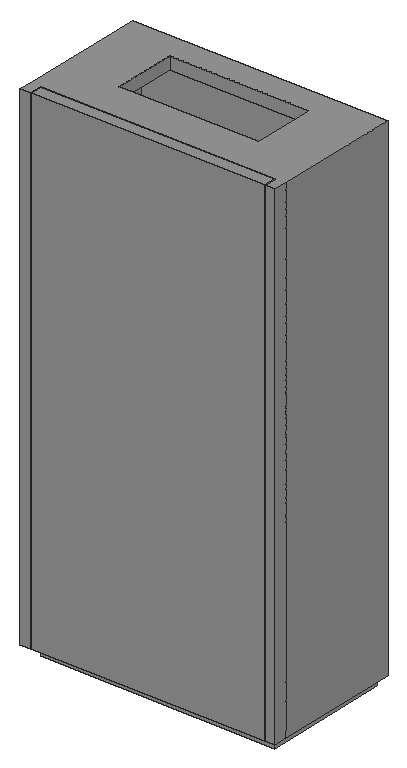
Revit family "P5A", category 櫥櫃, Revit 2023
Family settings
  OmniClass 編號 = 23.40.35.00
  OmniClass 標題 = Casework
  以工作平面為基礎 = 否
  總是垂直 = 是
  載入時使用空心切割 = 否
  共用 = 否
  房間計算點 = 否
Parameters
  預設高程 = 0 mm
  深度 = 550 mm
  高度 = 2000 mm
  寬度 = 1000 mm
Reference planes
  plane 1 "後": y = 0
  plane 2: z = 0
  plane 3 "中心 (左/右)": x = 44.7
  plane 4 "前": y = -550
  plane 5 "左": x = -455.3
  plane 6 "右": x = 544.7
  plane 7 "頂部": z = 2000
Forms (mm)
  Extrusion 1, solid, material "鐵、鍛造"
    sketch origin (0, 0, 0) x (1, 0, 0) y (0, 1, 0)
      loop
        line (-455.3, 0) -> (-455.3, -500) -> (-455.3, -550) -> (-415.3, -550) -> (-415.3, -500) -> (504.7, -500) -> (504.7, -550) -> (544.7, -550) -> (544.7, -500) -> (544.7, 0) -> (-455.3, 0)
    from 50 to 2000
  Extrusion 2, void
    sketch origin (-16.189, -550, 0) x (1, 0, 0) y (0, 0, 1)
      loop
        line (-365.3, 1950) -> (-365.3, 50) -> (485.89, 50) -> (485.89, 1950) -> (-365.3, 1950)
    from 0 to -500
  Extrusion 3, solid, material "鐵、鍛造"
    sketch origin (11.19, 0, 0) x (1, 0, 0) y (0, 1, 0)
      loop
        line (-426.49, -550) -> (493.51, -550) -> (493.51, -500) -> (-426.49, -500) -> (-426.49, -550)
    from 50 to 2000
  Extrusion 4, void
    sketch origin (0, 0, 0) x (1, 0, 0) y (0, 1, 0)
      loop
        line (-230.3, -100) -> (-230.3, -350) -> (319.7, -350) -> (319.7, -100) -> (-230.3, -100)
    from 1950 to 2000
  Extrusion 5, solid, material "鐵、鍛造"
    sketch origin (0, 0, 0) x (1, 0, 0) y (0, 1, 0)
      loop
        line (-415.3, -500) -> (504.7, -500) -> (504.7, 0) -> (-415.3, 0) -> (-415.3, -500)
    from 0 to 50
Cuts and joins
  Extrusion 2, Extrusion 4 cuts Extrusion 1
Dimensions and locks
  "寬度": plane 6 "右" to plane 5 "左"
  equal spacing: plane 6 "右", plane 3 "中心 (左/右)", plane 5 "左"
  "深度": plane 4 "前" to plane 1 "後"
  "高度": level to plane 7 "頂部"
  aligned and locked: level to plane 2
Automatic sketch dimensions
  level to Extrusion 2 sketch curve = 50 mm
  plane 5 "左" to Extrusion 2 sketch curve = 73.811 mm
  Extrusion 2 sketch curve to plane 6 "右" = 75 mm
  plane 7 "頂部" to Extrusion 2 sketch curve = 50 mm
  plane 4 "前" to Extrusion 3 sketch curve = 0 mm
  plane 5 "左" to Extrusion 3 sketch curve = 40 mm
  Extrusion 3 sketch curve to plane 4 "前" = 50 mm
  Extrusion 3 sketch curve to plane 6 "右" = 40 mm
  plane 5 "左" to Extrusion 4 sketch curve = 225 mm
  plane 3 "中心 (左/右)" to Extrusion 4 sketch curve = 275 mm
  Extrusion 4 sketch curve to plane 4 "前" = 200 mm
  plane 1 "後" to Extrusion 4 sketch curve = 100 mm
  Extrusion 1 sketch curve to plane 5 "左" = 0 mm
  plane 4 "前" to Extrusion 1 sketch curve = 0 mm  (x2)
  plane 1 "後" to Extrusion 1 sketch curve = 0 mm
  Extrusion 1 sketch curve to plane 6 "右" = 0 mm
  plane 5 "左" to Extrusion 1 sketch curve = 40 mm
  Extrusion 1 sketch curve to plane 6 "右" = 40 mm
  Extrusion 1 sketch curve to plane 4 "前" = 50 mm
  Extrusion 1 sketch curve to Extrusion 1 sketch curve = 0 mm  (x2)
  Extrusion 5 sketch curve to plane 4 "前" = 50 mm
  Extrusion 5 sketch curve to plane 1 "後" = 0 mm
  plane 5 "左" to Extrusion 5 sketch curve = 40 mm
  Extrusion 5 sketch curve to plane 6 "右" = 40 mm
